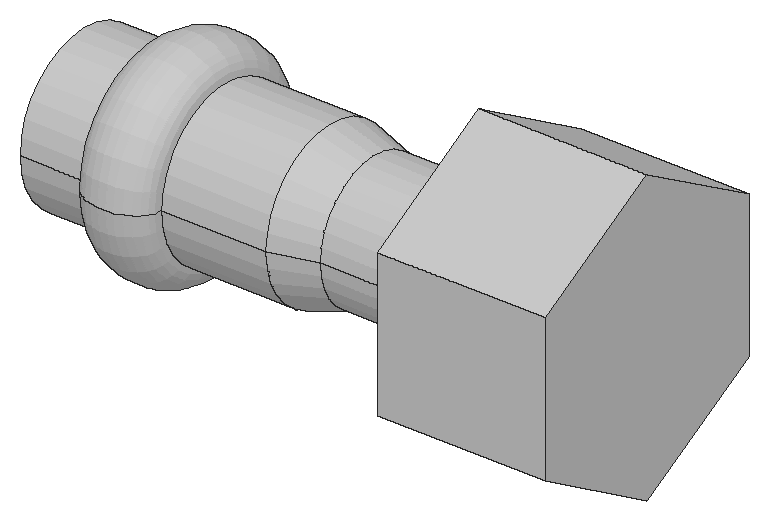
Revit family "VTi.908.I_Пресс-фитинг_Накид Гайка_Нерж_VALTEC", category Соединительные детали трубопроводов, Revit 2023
Family settings
  Размер круглого соединителя = Использовать диаметр
  Тип детали = Соединение
  На основе рабочей плоскости = Нет
  Всегда вертикально = Да
  При загрузке вырезать с полостями = Нет
  Общий = Нет
Parameters
  Отметка по умолчанию = 0.00 mm
  Видимость_8 [instance] = d_гайки > 43.00 mm  # no
  Видимость_6 [instance] = d_гайки < 43.00 mm  # yes
  l7 [instance] = size_lookup(LT, "l7", 13.00 mm, dn1, dn2)  # 13.00 mm
  l6 [instance] = size_lookup(LT, "l6", 15.50 mm, dn1, dn2)  # 15.50 mm
  l5 [instance] = size_lookup(LT, "l5", 9.80 mm, dn1, dn2)  # 9.80 mm
  l4 [instance] = size_lookup(LT, "l4", 4.00 mm, dn1, dn2)  # 4.00 mm
  l3 [instance] = size_lookup(LT, "l3", 9.70 mm, dn1, dn2)  # 9.70 mm
  l2 [instance] = size_lookup(LT, "l2", 7.00 mm, dn1, dn2)  # 7.00 mm
  l1 [instance] = size_lookup(LT, "l1", 6.00 mm, dn1, dn2)  # 6.00 mm
  h_выступа [instance] = size_lookup(LT, "h_выступа", 2.50 mm, dn1, dn2)  # 2.50 mm
  dn2 [instance] = 15 mm
  dn1 [instance] = 12 mm
  d_гайки [instance] = size_lookup(LT, "d_гайки", 24.00 mm, dn1, dn2)  # 26.97 mm
  d2 [instance] = size_lookup(LT, "d2", 12.3 mm, dn1, dn2)  # 12.3 mm
  d1 [instance] = size_lookup(LT, "d1", 14.7 mm, dn1, dn2)  # 14.7 mm
  LT = "VTi.908.I_Пресс-фитинг_Накид Гайка_Нерж_VALTEC"  # constant formula
  ADSK_Примечание [instance] = ""
  ADSK_Позиция [instance] = ""
  ADSK_Обозначение [instance] = ADSK_Марка  # "VTi.908.I.001204"
  ADSK_Наименование [instance] = size_lookup(LT, "", "Типоразмер не найден", dn1, dn2)  # "Пресс-фитинг из нержавеющей стали с накидной гайкой 12 мм х 1/2\""
  ADSK_Материал = Сталь, нержавеющая - VALTEC
  ADSK_Масса [instance] = size_lookup(LT, "ADSK_Масса", 0, dn1, dn2)  # 0.044
  ADSK_Марка [instance] = size_lookup(LT, "ADSK_Марка", "Типоразмер не найден", dn1, dn2)  # "VTi.908.I.001204"
  ADSK_Количество = 1  # constant formula
  ADSK_Код изделия [instance] = "VTi.908.I"  # constant formula
  ADSK_Завод-изготовитель [instance] = "VALTEC"  # constant formula
  ADSK_Единица измерения = "шт."  # constant formula
Reference planes
  plane 1 "По центру (Вперед/Назад)": y = 0
  plane 2: z = 0
  plane 3 "По центру (Влево/Вправо)": x = 0
  plane 4: x = -26.7
  plane 5: x = -20.7
  plane 6: x = -13.7
  plane 7: x = -4
  plane 8: x = 9.8
  plane 9: x = 25.3
  plane 10: y = 7.35
  plane 11: y = -7.35
  plane 12 "Соединитель резьба": x = 12.3
Forms (mm)
  Revolve 1, solid, material "Сталь, нержавеющая - VALTEC" <- "ADSK_Материал"
    sketch origin (0, 0, 0) x (1, 0, 0) y (0, 1, 0)
      loop
        line (-26.7, 0) -> (-4, 0) -> (-4, 7.35) -> (-13.7, 7.35)
        spline (-13.7, 7.35) -> (-13.819, 7.997) -> (-14.169, 8.6) -> (-14.725, 9.118) -> (-15.45, 9.515) -> (-16.294, 9.765) -> (-17.2, 9.85) -> (-18.106, 9.765) -> (-18.95, 9.515) -> (-19.675, 9.118) -> (-20.231, 8.6) -> (-20.581, 7.997) -> (-20.7, 7.35)
        line (-20.7, 7.35) -> (-26.7, 7.35) -> (-26.7, 0)
      axis (-26.7, 0) -> (-4, 0)
    angle from 0 to 360
  SweptBlend 2, solid, material "Сталь, нержавеющая - VALTEC" <- "ADSK_Материал"
    path in 3D
      loop
        line (-4, 0, 0) -> (0, 0, 0)
    profile origin (-4, 0, 0) x (0, 1, 0) y (0, 0, 1)
      loop
        circle (0, 0) r 7.35
    end profile origin (0, 0, 0) x (0, 1, 0) y (0, 0, 1)
      loop
        circle (0, 0) r 6.15
  Sweep 3, solid, material "Сталь, нержавеющая - VALTEC" <- "ADSK_Материал"
    path in 3D
      loop
        line (0, 0, 0) -> (9.8, 0, 0)
    profile origin (4.9, 0, 0) x (0, 1, 0) y (0, 0, 1)
      loop
        circle (0, 0) r 6.15
Cuts and joins
  joined: Revolve 1, SweptBlend 2, Sweep 3
Lines and regions (mm)
  model lines
    curve 1: line (-26.7, 0, 0) -> (-4, 0, 0)
    curve 2: line (-4, 0, 0) -> (0, 0, 0)
    curve 3: line (0, 0, 0) -> (9.8, 0, 0)
  sketch lines
    curve 4: line (-4, 0, 0) -> (0, 0, 0)
    curve 5: line (0, 0, 0) -> (9.8, 0, 0)
Dimensions and locks
  "l1": plane 4 to plane 5
  "l2": plane 5 to plane 6
  "l3": plane 6 to plane 7
  "l4": plane 7 to plane 3 "По центру (Влево/Вправо)"
  "l5": plane 3 "По центру (Влево/Вправо)" to plane 8
  "l6": plane 8 to plane 9
  equal spacing: plane 11, plane 1 "По центру (Вперед/Назад)", plane 10
  "d1": plane 11 to plane 10
  "h_выступа": Revolve 1 sketch curve to Revolve 1 sketch curve
  "l7": plane 12 "Соединитель резьба" to plane 9
  "d1": diameter of SweptBlend 2 sketch curve
  "d2": diameter of SweptBlend 2 sketch curve
  "d2": diameter of Sweep 3 sketch curve
  aligned and locked: level to plane 2
  aligned and locked: plane 4 to curve 1
  aligned and locked: plane 7 to curve 1
  aligned and locked: plane 3 "По центру (Влево/Вправо)" to curve 2
  aligned and locked: plane 8 to curve 3
  aligned and locked: plane 1 "По центру (Вперед/Назад)" to curve 1
  aligned and locked: plane 1 "По центру (Вперед/Назад)" to curve 2
  aligned and locked: plane 1 "По центру (Вперед/Назад)" to curve 3
  aligned and locked: Revolve 1 sketch curve to curve 1
  aligned and locked: plane 10 to Revolve 1 sketch curve  (x2)
  aligned and locked: Revolve 1 sketch curve to plane 4
  aligned and locked: plane 7 to Revolve 1 sketch curve
  aligned and locked: Revolve 1 sketch curve to plane 1 "По центру (Вперед/Назад)"
  aligned and locked: plane 1 "По центру (Вперед/Назад)" to nested 1
  aligned and locked: plane 1 "По центру (Вперед/Назад)" to nested 2
  aligned and locked: plane 8 to nested 1
  aligned and locked: nested 2 to plane 8
Automatic sketch dimensions
  Revolve 1 sketch curve to plane 4 = 0.00 mm
  Revolve 1 sketch curve to plane 5 = 0.00 mm
  Revolve 1 sketch curve to plane 6 = 0.00 mm
  Revolve 1 sketch curve to plane 7 = 0.00 mm
  SweptBlend 2 sketch curve to profile plane = 0.00 mm  (x4)
  Sweep 3 sketch curve to profile plane = 0.00 mm  (x2)
Nested families
  nested 1: "Гайка_6 сторон" at (9.8, 0, 0) x (0, -1, 0) z (0, 0, 1), d <- "d_гайки", L <- "l6", ADSK_Материал <- "ADSK_Материал", visible <- "Видимость_6", type "Гайка_6 сторон"
    with m 23.357 mm, d 26.97 mm, L 15.50 mm, ADSK_Материал Сталь, нержавеющая - VALTEC
  nested 2: "Гайка_8 сторон" at (9.8, 0, 0), d <- "d_гайки", L <- "l6", ADSK_Материал <- "ADSK_Материал", visible <- "Видимость_8", type "Гайка_8 сторон"
    with m 24.927 mm, d 26.97 mm, L 15.50 mm, ADSK_Материал Сталь, нержавеющая - VALTEC
Connectors
  piping at (-26.7, 0, 0), diameter 12, driven by "dn1"
    settings: on Revolve 1, index 1, connector inside diameter 609.6 mm, connector length 0.00 mm, flow factor 0, pipe flow 0.0 L/s, pressure drop 0.0 Pa, fitting loss kfactor 0, connector angle 0.00°, fixture units 0, engagement length 0.00 mm, angle of deflection 0.00°, flow configuration 0, flow direction 0, fitting loss method 0, system type 28, joint type 0, gender type 0, connector reference index 2, connector utility 0, adjustable connector no, is connector primary yes, connector description ""
  piping at (12.3, 0, 0), diameter 15, driven by "dn2"
    settings: index 2, connector inside diameter 609.6 mm, connector length 0.00 mm, flow factor 0, pipe flow 0.0 L/s, pressure drop 0.0 Pa, fitting loss kfactor 0, connector angle 0.00°, fixture units 0, engagement length 0.00 mm, angle of deflection 0.00°, flow configuration 0, flow direction 0, fitting loss method 0, system type 28, joint type 0, gender type 0, connector reference index 1, connector utility 0, adjustable connector no, is connector primary no, connector description ""
Definition of nested family "Гайка_6 сторон"
  Parameters (values of type "Гайка_6 сторон")
    Default Elevation = 0.00 mm
    m [instance] = (d / 2) / (2 * tan(180.00° / 6)) * 2  # 12.99 mm
    d [instance] = 15.00 mm
    L [instance] = 15.008 mm
    ADSK_Материал [instance] = none
  Reference planes
    plane 1 "По центру (Вперед/Назад)": y = 0
    plane 2: z = 0
    plane 3 "По центру (Влево/Вправо)": x = 0
    plane 4: x = -6.495
    plane 5: x = 6.495
    plane 6: z = 7.5
    plane 7: z = -7.5
    plane 8: through (-4.434, -1524, 2.56) normal (0.5, 0, 0.866)
    plane 9: through (4.434, -1524, 2.56) normal (0.5, 0, -0.866)
    plane 10: through (-1.187, -1524, 8.185) normal (0.5, 0, 0.866)
    plane 11: through (-7.682, -1524, -3.065) normal (0.5, 0, 0.866)
    plane 12: through (1.187, -1524, 8.185) normal (0.5, 0, -0.866)
    plane 13: through (7.682, -1524, -3.065) normal (0.5, 0, -0.866)
    plane 14: y = 15.008
  Forms (mm)
    Extrusion 1, solid, material <- "ADSK_Материал"
      sketch origin (0, 0, 0) x (1, 0, 0) y (0, 0, 1)
        loop
          line (0, 7.5) -> (-6.495, 3.75) -> (-6.495, -3.75) -> (0, -7.5) -> (6.495, -3.75) -> (6.495, 3.75) -> (0, 7.5)
      from -15.008 to 0
  Dimensions and locks
    equal spacing: plane 5, plane 3 "По центру (Влево/Вправо)", plane 4
    "m": plane 5 to plane 4
    equal spacing: plane 6, plane 2, plane 7
    "d": plane 6 to plane 7
    equal spacing: plane 12, plane 9, plane 13
    "m": plane 12 to plane 13
    equal spacing: plane 10, plane 8, plane 11
    "m": plane 10 to plane 11
    "L": plane 1 "По центру (Вперед/Назад)" to plane 14
    aligned and locked: level to plane 2
    aligned and locked: Extrusion 1 sketch curve to plane 4
    aligned and locked: plane 12 to Extrusion 1 sketch curve
    aligned and locked: plane 10 to Extrusion 1 sketch curve
    aligned and locked: Extrusion 1 sketch curve to plane 5
    aligned and locked: Extrusion 1 sketch curve to plane 13
    aligned and locked: Extrusion 1 sketch curve to plane 11
    aligned and locked: plane 1 "По центру (Вперед/Назад)" to Extrusion 1
    aligned and locked: plane 14 to Extrusion 1
Definition of nested family "Гайка_8 сторон"
  Parameters (values of type "Гайка_8 сторон")
    Default Elevation = 0.00 mm
    m [instance] = (d / 2) / (2 * tan(180.00° / 6.3351)) * 2  # 60.075 mm
    d [instance] = 65.00 mm
    L [instance] = 40.346 mm
    ADSK_Материал [instance] = none
  Reference planes
    plane 1 "По центру (Вперед/Назад)": y = 0
    plane 2: z = 0
    plane 3 "По центру (Влево/Вправо)": x = 0
    plane 4: through (0, 0, 0) normal (0, 0.7071, -0.7071)
    plane 5: through (0, 0, 0) normal (0, 0.7071, 0.7071)
    plane 6: through (0, 0, 0) normal (0, 0.9239, -0.3827)
    plane 7: through (0, 0, 0) normal (0, 0.9239, 0.3827)
    plane 8: through (0, 29.684, -6.827) normal (0, 0.9239, -0.3827)
    plane 9: through (0, -25.818, 16.162) normal (0, 0.9239, -0.3827)
    plane 10: through (0, 0, 0) normal (0, 0.3827, 0.9239)
    plane 11: through (0, 0, 0) normal (0, -0.3827, 0.9239)
    plane 12: through (0, 34.476, 18.232) normal (0, 0.3827, 0.9239)
    plane 13: through (0, 11.486, -37.27) normal (0, 0.3827, 0.9239)
    plane 14: through (0, -34.476, 18.232) normal (0, 0.3827, -0.9239)
    plane 15: through (0, -11.486, -37.27) normal (0, 0.3827, -0.9239)
    plane 16: through (0, -37.27, 11.486) normal (0, -0.9239, -0.3827)
    plane 17: through (0, 18.232, 34.476) normal (0, -0.9239, -0.3827)
    plane 18: x = 40.346
  Forms (mm)
    Extrusion 1, solid, material <- "ADSK_Материал"
      sketch origin (0, 0, 0) x (0, 1, 0) y (0, 0, 1)
        loop
          line (0, 32.512) -> (-22.99, 22.99) -> (-32.512, 0) -> (-22.99, -22.99) -> (0, -32.512) -> (22.99, -22.99) -> (32.512, 0) -> (22.99, 22.99) -> (0, 32.512)
      from 0 to 40.346
  Dimensions and locks
    equal spacing: plane 8, plane 6, plane 9
    "m": plane 8 to plane 9
    equal spacing: plane 12, plane 10, plane 13
    "m": plane 12 to plane 13
    equal spacing: plane 15, plane 11, plane 14
    "m": plane 15 to plane 14
    equal spacing: plane 16, plane 7, plane 17
    "m": plane 16 to plane 17
    "L": plane 3 "По центру (Влево/Вправо)" to plane 18
    angle plane 14 to plane 7 = 90.00°
    aligned and locked: level to plane 2
    aligned and locked: Extrusion 1 sketch curve to plane 12
    aligned and locked: plane 17 to Extrusion 1 sketch curve
    aligned and locked: Extrusion 1 sketch curve to plane 8
    aligned and locked: plane 15 to Extrusion 1 sketch curve
    aligned and locked: Extrusion 1 sketch curve to plane 13
    aligned and locked: Extrusion 1 sketch curve to plane 16
    aligned and locked: Extrusion 1 sketch curve to plane 9
    aligned and locked: plane 14 to Extrusion 1 sketch curve
    aligned and locked: plane 18 to Extrusion 1
Types in the file's own list only (13): name | Отметка по умолчанию
  Пресс-фитинг из нержавеющей стали с накидной гайкой 12 мм х 1/2" | 0.00 мм
  Пресс-фитинг из нержавеющей стали с накидной гайкой 15 мм х 1/2" | 0.00 мм
  Пресс-фитинг из нержавеющей стали с накидной гайкой 15 мм х 3/4" | 0.00 мм
  Пресс-фитинг из нержавеющей стали с накидной гайкой 18 мм х 1/2" | 0.00 мм
  Пресс-фитинг из нержавеющей стали с накидной гайкой 18 мм х 3/4" | 0.00 мм
  Пресс-фитинг из нержавеющей стали с накидной гайкой 22 мм х 1/2" | 0.00 мм
  Пресс-фитинг из нержавеющей стали с накидной гайкой 22 мм х 3/4" | 0.00 мм
  Пресс-фитинг из нержавеющей стали с накидной гайкой 28 мм х 1" | 0.00 мм
  Пресс-фитинг из нержавеющей стали с накидной гайкой 28 мм х 3/4" | 0.00 мм
  Пресс-фитинг из нержавеющей стали с накидной гайкой 35 мм х 1" | 0.00 мм
  Пресс-фитинг из нержавеющей стали с накидной гайкой 35 мм х 1 1/4" | 0.00 мм
  Пресс-фитинг из нержавеющей стали с накидной гайкой 42 мм х 1 1/2" | 0.00 мм
  Пресс-фитинг из нержавеющей стали с накидной гайкой 54мм х 2" | 0.00 мм
